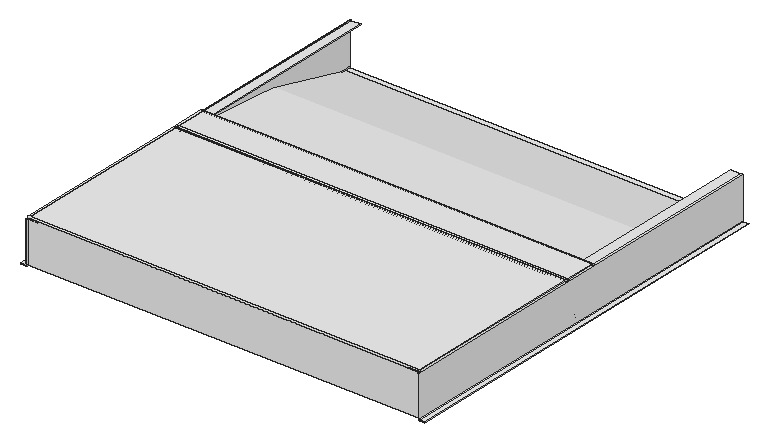
Revit family "LRTC 2x2_2x4", category Lighting Fixtures, host Ceiling, Revit 2019
Family settings
  Host = Ceiling
  Round Connector Dimension = Use Diameter
  Part Type = Normal
  OmniClass Number = 23.80.70.11.14.17
  OmniClass Title = Direct/Indirect
  Always vertical = Yes
  Cut with Voids When Loaded = No
  Light Source = Yes
  Shared = No
  Room Calculation Point = No
Parameters (values of type "LRTC2X2-LED840K020LUNV")
  Width = 1' - 11 3/4"
  Wattage = 18 W
  built-in parameter 1150110 = 1 (stored number, unit not read)
  Voltage = 120 V
  URL = "https://www.viscor.com/en/products/lrtc"
  built-in parameter 1114217 = 0.9 (stored number, unit not read)
  Tilt Angle = 90.00°
  built-in parameter 1150109 = 1 (stored number, unit not read)
  built-in parameter 1150134 = 12
  built-in parameter 1150113 = 1 (stored number, unit not read)
  Reflector Width = Width / 2  # 0' - 11 7/8"
  Photometric Web File = "LRTC2x2-LED840K020LUNV-G003581.IES"
  Model = "LRTC"  # constant formula
  Manufacturer = "VISIONEERING by VISCOR"  # constant formula
  Lumens = 2178 lm
  built-in parameter 1150115 = 1 (stored number, unit not read)
  built-in parameter 1150105 = 173.32 (stored number, unit not read)
  built-in parameter 1150137 = (empty or 0)
  built-in parameter 1150139 = (empty or 0)
  Lens Finish = Acrylic - Viscor - Frosted Ribbed Linear Extruded
  Length = 1' - 11 3/4"
  Lamp Wattage = 18 VA
  built-in parameter 1150112 = 1 (stored number, unit not read)
  built-in parameter 1150114 = 1 (stored number, unit not read)
  Lamp = "LED"  # constant formula
  built-in parameter 1150132 = (empty or 0)
  built-in parameter 1150102 = (empty or 0)
  built-in parameter 1150138 = (empty or 0)
  built-in parameter 1150107 = 4000 (stored number, unit not read)
  built-in parameter 1150106 = 1.7332 (stored number, unit not read)
  Housing Finish = Metal - Viscor - White
  Emit from Rectangle Width = Width  # 1' - 11 3/4"
  Emit from Rectangle Length = Length  # 1' - 11 3/4"
  Emit Shape Visible in Rendering = no
  built-in parameter 1150104 = 11.241 (stored number, unit not read)
  Dimming Lamp Color Temperature Shift = <None>
  Description = "LED Troffer Dish Single Tear Drop"  # constant formula
  Color Filter = 16777215
  built-in parameter 1114218 = 1 (stored number, unit not read)
  built-in parameter 1150133 = 10 (stored number, unit not read)
  Assembly Code = "D5020200"
  Apparent Load = Lamp Wattage  # 18 VA
Types (4): name | Wattage | Photometric Web File | Lumens | built-in parameter 1150105 | Length | Lamp Wattage | built-in parameter 1150106 | Emit from Rectangle Length | built-in parameter 1150104 | Apparent Load
  (no name) | 18 W | "LRTC2x2-LED840K020LUNV-G003581.IES" | 2178 lm | 173.32 (stored number, unit not read) | 1' - 11 3/4" | 18 VA | 1.7332 (stored number, unit not read) | 1' - 11 3/4" | 11.241 (stored number, unit not read) | 18 VA
  LRTC2X2-LED840K020LUNV | 18 W | "LRTC2x2-LED840K020LUNV-G003581.IES" | 2178 lm | 173.32 (stored number, unit not read) | 1' - 11 3/4" | 18 VA | 1.7332 (stored number, unit not read) | 1' - 11 3/4" | 11.241 (stored number, unit not read) | 18 VA
  LRTC2x4-LED840K041LUNV | 39 W | "LRTC2X4-LED840K041LUNV-G001546.IES" | 4251 lm | 338.28 (stored number, unit not read) | 3' - 11 3/4" | 39 VA | 3.3828 (stored number, unit not read) | 3' - 11 3/4" | 10.126 (stored number, unit not read) | 39 VA
  LRTC2x4-LED840K034LUNV | 30 W | "LRTC2X4-LED840K034LUNV-G001538.IES" | 3420 lm | 272.15 (stored number, unit not read) | 3' - 11 3/4" | 30 VA | 2.7215 (stored number, unit not read) | 3' - 11 3/4" | 10.591 (stored number, unit not read) | 30 VA
Reference planes (in)
  plane 1 "Light Source Axis (F/B)": y = 0
  plane 2 "Ceiling": z = 96
  plane 3 "Light Source Axis (L/R)": x = 0
  plane 4 "Light Source Elevation": z = 95.96875
  plane 5: y = 11.875
  plane 6: y = -11.875
  plane 7: x = -11.875
  plane 8: x = 11.875
  plane 9: x = -11.8125
  plane 10: x = 11.8125
  plane 11: x = -11.5
  plane 12: x = 11.5
  plane 13: y = -11.875
Forms (in)
  Extrusion 1, solid, material "Metal - Viscor - White" <- "Housing Finish"
    sketch origin (0, 0, 0) x (1, 0, 0) y (0, 0, 1)
      loop
        line (-11.875, 95.96875) -> (-11.572, 95.96875)
        arc (-11.572, 95.96875) -> (-11.52118, 95.98974) -> (-11.5, 96.04049) r 0.072
        line (-11.5, 96.04049) -> (-11.5, 98.42675)
        arc (-11.5, 98.42675) -> (-11.48858, 98.45433) -> (-11.461, 98.46575) r 0.039
        line (-11.461, 98.46575) -> (-10.875, 98.46575) -> (-10.875, 98.497) -> (-11.461, 98.497)
        arc (-11.461, 98.497) -> (-11.51067, 98.47642) -> (-11.53125, 98.42675) r 0.07025
        line (-11.53125, 98.42675) -> (-11.53125, 96.04055)
        arc (-11.53125, 96.04055) -> (-11.54326, 96.01187) -> (-11.572, 96) r 0.04075
        line (-11.572, 96) -> (-11.875, 96) -> (-11.875, 95.96875)
    from -11.875 to 11.875
  Extrusion 2, solid, material "Metal - Viscor - White" <- "Housing Finish"
    sketch origin (0, 0, 0) x (-1, 0, 0) y (0, 0, -1)
      loop
        line (-11.875, -95.96875) -> (-11.875, -96) -> (-11.572, -96)
        arc (-11.572, -96) -> (-11.54326, -96.01187) -> (-11.53125, -96.04055) r 0.04075
        line (-11.53125, -96.04055) -> (-11.53125, -98.42675)
        arc (-11.53125, -98.42675) -> (-11.51067, -98.47642) -> (-11.461, -98.497) r 0.07025
        line (-11.461, -98.497) -> (-10.875, -98.497) -> (-10.875, -98.46575) -> (-11.461, -98.46575)
        arc (-11.461, -98.46575) -> (-11.48858, -98.45433) -> (-11.5, -98.42675) r 0.039
        line (-11.5, -98.42675) -> (-11.5, -96.04049)
        arc (-11.5, -96.04049) -> (-11.52118, -95.98974) -> (-11.572, -95.96875) r 0.072
        line (-11.572, -95.96875) -> (-11.875, -95.96875)
    from -11.875 to 11.875
  Extrusion 3, solid, material "Acrylic - Viscor - Frosted Ribbed Linear Extruded" <- "Lens Finish"
    sketch origin (0, -5.75, 0.03125) x (0, 1, 0) y (0, 0, 1)
      loop
        line (6.71875, 97.73875) -> (6.71875, 97.82375)
        arc (6.71875, 97.82375) -> (6.71289, 97.83789) -> (6.69875, 97.84375) r 0.02
        line (6.69875, 97.84375) -> (6.521, 97.84375) -> (6.521, 98.03594)
        arc (6.521, 98.03594) -> (6.53058, 98.05185) -> (6.54912, 98.05082) r 0.018
        arc (6.54912, 98.05082) -> (6.59327, 98.06313) -> (6.57376, 98.1046) r 0.03
        line (6.57376, 98.1046) -> (6.48618, 98.12807)
        arc (6.48618, 98.12807) -> (6.46882, 98.12462) -> (6.461, 98.10875) r 0.02
        line (6.461, 98.10875) -> (6.461, 97.79375)
        arc (6.461, 97.79375) -> (6.46979, 97.77254) -> (6.491, 97.76375) r 0.03
        line (6.491, 97.76375) -> (6.63875, 97.76375)
        arc (6.63875, 97.76375) -> (6.58217, 97.24582) -> (6.40377, 96.75629) r 2.17014
        arc (6.40377, 96.75629) -> (6.23215, 96.49449) -> (6.00734, 96.27664) r 1.42014
        arc (6.00734, 96.27664) -> (5.75, 96.18861) -> (5.49266, 96.27664) r 0.42014
        arc (5.49266, 96.27664) -> (5.26785, 96.49449) -> (5.09623, 96.75629) r 1.42014
        arc (5.09623, 96.75629) -> (4.91783, 97.24582) -> (4.86125, 97.76375) r 2.17014
        line (4.86125, 97.76375) -> (5.009, 97.76375)
        arc (5.009, 97.76375) -> (5.03021, 97.77254) -> (5.039, 97.79375) r 0.03
        line (5.039, 97.79375) -> (5.039, 98.10875)
        arc (5.039, 98.10875) -> (5.03118, 98.12462) -> (5.01382, 98.12807) r 0.02
        line (5.01382, 98.12807) -> (4.92624, 98.1046)
        arc (4.92624, 98.1046) -> (4.90673, 98.06313) -> (4.95087, 98.05082) r 0.03
        arc (4.95087, 98.05082) -> (4.96942, 98.05185) -> (4.979, 98.03594) r 0.018
        line (4.979, 98.03594) -> (4.979, 97.84375) -> (4.80125, 97.84375)
        arc (4.80125, 97.84375) -> (4.78711, 97.83789) -> (4.78125, 97.82375) r 0.02
        line (4.78125, 97.82375) -> (4.78125, 97.73875)
        arc (4.78125, 97.73875) -> (4.84304, 97.21506) -> (5.02503, 96.72014) r 2.25
        arc (5.02503, 96.72014) -> (5.2063, 96.44361) -> (5.44375, 96.21352) r 1.5
        arc (5.44375, 96.21352) -> (5.75, 96.10875) -> (6.05625, 96.21352) r 0.5
        arc (6.05625, 96.21352) -> (6.2937, 96.44361) -> (6.47497, 96.72014) r 1.5
        arc (6.47497, 96.72014) -> (6.65696, 97.21506) -> (6.71875, 97.73875) r 2.25
    from -11.5 to 11.5
  Extrusion 4, void
    sketch origin (0, 0, 96) x (1, 0, 0) y (0, 1, 0)
      loop
        line (-11.875, -11.875) -> (11.875, -11.875) -> (11.875, 11.875) -> (-11.875, 11.875) -> (-11.875, -11.875)
    from -0.85389 to 3.57262
  Extrusion 5, solid, material "Metal - Viscor - White" <- "Housing Finish"
    sketch origin (0, 0, 0) x (0, 1, 0) y (0, 0, 1)
      loop
        line (-0.9845, 97.936) -> (-0.98476, 98.498)
        arc (-0.98476, 98.498) -> (-1.00688, 98.54287) -> (-1.0535, 98.561) r 0.069
        line (-1.0535, 98.561) -> (-11.7385, 98.561)
        arc (-11.7385, 98.561) -> (-11.78729, 98.54079) -> (-11.8075, 98.492) r 0.069
        line (-11.8075, 98.492) -> (-11.8075, 96.034) -> (-11.77625, 96.034) -> (-11.77625, 98.492)
        arc (-11.77625, 98.492) -> (-11.76519, 98.51869) -> (-11.7385, 98.52975) r 0.03775
        line (-11.7385, 98.52975) -> (-1.0535, 98.52975)
        arc (-1.0535, 98.52975) -> (-1.02842, 98.52022) -> (-1.01601, 98.49643) r 0.03775
        line (-1.01601, 98.49643) -> (-1.01575, 97.936) -> (-0.9845, 97.936)
    from -11.5 to 11.5
  Sweep 6, solid, material "Metal - Viscor - White" <- "Housing Finish"
    path origin (0, 0, 96) x (1, 0, 0) y (0, 1, 0)
      loop
        line (-11.5, 0) -> (11.5, 0)
    profile "RFL-PROFILE : RFL-PROFILE" origin (0, 0, 96) x (0, 1, 0) y (0, 0, 1)
      loop
        line (11.50047, 0) -> (11.80691, 0) -> (11.80691, 0.03125) -> (11.50603, 0.03125)
        arc (11.50603, 0.03125) -> (6.18193, 1.46566) -> (0.68803, 1.93537) r 31.03907
        line (0.68803, 1.93537) -> (0.68803, 1.90412)
        arc (0.68803, 1.90412) -> (6.1792, 1.43441) -> (11.50047, 0) r 31.00782
  Extrusion 7, solid, material "Metal - Viscor - White" <- "Housing Finish"
    sketch origin (0, 0, 0) x (0, 1, 0) y (0, 0, 1)
      loop
        line (-0.94213, 97.93906) -> (-0.91088, 97.93906) -> (-0.91088, 98.497)
        arc (-0.91088, 98.497) -> (-0.90061, 98.5218) -> (-0.87582, 98.53207) r 0.03507
        line (-0.87582, 98.53207) -> (0.93368, 98.53207)
        arc (0.93368, 98.53207) -> (0.95848, 98.5218) -> (0.96875, 98.497) r 0.03507
        line (0.96875, 98.497) -> (0.96875, 97.93906) -> (1, 97.93906) -> (1, 98.497)
        arc (1, 98.497) -> (0.98058, 98.54389) -> (0.93368, 98.56332) r 0.06632
        line (0.93368, 98.56332) -> (-0.87582, 98.56332)
        arc (-0.87582, 98.56332) -> (-0.92271, 98.54389) -> (-0.94213, 98.497) r 0.06632
        line (-0.94213, 98.497) -> (-0.94213, 97.93906)
    from -11.5 to 11.5
Dimensions and locks (in)
  equal spacing: host sketch curve, plane 3 "Light Source Axis (L/R)", host sketch curve
  equal spacing: host sketch curve, plane 1 "Light Source Axis (F/B)", host sketch curve
  host sketch curve to host sketch curve = 10' - 0"  (x2)
  equal spacing: plane 7, plane 3 "Light Source Axis (L/R)", plane 8
  "Length": plane 7 to plane 8
  equal spacing: plane 5, plane 1 "Light Source Axis (F/B)", plane 6
  "Width": plane 5 to plane 6
  plane 4 "Light Source Elevation" to plane 2 "Ceiling" = 0' - 0 1/32"
  locked: plane 7 to plane 9 at 0.0625
  locked: plane 10 to plane 8 at 0.0625
  locked: plane 7 to plane 11 at 0.375
  locked: plane 12 to plane 8 at 0.375
  Extrusion 7 sketch curve to Extrusion 7 sketch curve = 0' - 1.94213"
  aligned and locked: plane 3 "Light Source Axis (L/R)" to imposter light
  aligned and locked: plane 1 "Light Source Axis (F/B)" to imposter light
  aligned and locked: plane 4 "Light Source Elevation" to imposter light
  aligned and locked: Extrusion 1 to plane 6
  aligned and locked: plane 5 to Extrusion 1
  aligned and locked: Extrusion 2 to plane 6
  aligned and locked: plane 5 to Extrusion 2
  aligned and locked: Extrusion 3 to plane 11
  aligned and locked: plane 12 to Extrusion 3
  aligned and locked: Extrusion 4 to imposter light
  aligned and locked: Extrusion 4 to plane 7
  aligned and locked: plane 8 to Extrusion 4
  aligned and locked: Extrusion 5 to plane 11
  aligned and locked: plane 12 to Extrusion 5
  aligned and locked: plane 11 to Sweep 6 sketch curve
  aligned and locked: plane 12 to Sweep 6 sketch curve
  aligned and locked: plane 1 "Light Source Axis (F/B)" to Sweep 6 sketch curve
  aligned and locked: Extrusion 7 to plane 11
  aligned and locked: plane 12 to Extrusion 7
Automatic sketch dimensions
  Extrusion 1 sketch curve to Extrusion 1 sketch curve = 0' - 0"  (x7)
  Extrusion 1 sketch curve to plane 4 "Light Source Elevation" = 0' - 0"
  Extrusion 1 sketch curve to plane 2 "Ceiling" = 0' - 0"
  Extrusion 1 sketch curve to plane 11 = 0' - 0"  (x2)
  Extrusion 1 sketch curve to plane 11 = 0' - 0 1/32"
  Extrusion 1 sketch curve to Extrusion 1 sketch curve = 0' - 0 1/32"  (x2)
  Extrusion 1 sketch curve to plane 11 = 0' - 0.072"
  Extrusion 1 sketch curve to plane 7 = 0' - 0"
  plane 11 to Extrusion 1 sketch curve = 0' - 0.039"
  Extrusion 1 sketch curve to Extrusion 1 sketch curve = 0' - 0.039"
  Extrusion 1 sketch curve to Extrusion 1 sketch curve = 0' - 0.586"
  plane 2 "Ceiling" to Extrusion 1 sketch curve = 0' - 0.04049"
  Extrusion 1 sketch curve to Extrusion 1 sketch curve = 0' - 2.38626"
  Extrusion 2 sketch curve to Extrusion 2 sketch curve = 0' - 0"  (x7)
  Extrusion 2 sketch curve to plane 4 "Light Source Elevation" = 0' - 0"
  Extrusion 2 sketch curve to plane 2 "Ceiling" = 0' - 0"
  Extrusion 2 sketch curve to plane 12 = 0' - 0"  (x2)
  Extrusion 2 sketch curve to Extrusion 2 sketch curve = 0' - 0 1/32"  (x3)
  Extrusion 2 sketch curve to plane 12 = 0' - 0.072"
  Extrusion 2 sketch curve to plane 8 = 0' - 0"
  plane 12 to Extrusion 2 sketch curve = 0' - 0.039"  (x2)
  Extrusion 2 sketch curve to Extrusion 2 sketch curve = 0' - 0.586"
  Extrusion 2 sketch curve to plane 2 "Ceiling" = 0' - 0.04049"
  Extrusion 2 sketch curve to Extrusion 2 sketch curve = 0' - 2.38626"
  Extrusion 3 sketch curve to Extrusion 3 sketch curve = 0' - 0"  (x17)
  plane 2 "Ceiling" to Extrusion 3 sketch curve = 0' - 1.77"
  plane 1 "Light Source Axis (F/B)" to Extrusion 3 sketch curve = 0' - 1 9/32"
  Extrusion 3 sketch curve to Extrusion 3 sketch curve = 0' - 0 5/16"  (x2)
  Extrusion 3 sketch curve to Extrusion 3 sketch curve = 0' - 0.02"  (x2)
  Extrusion 3 sketch curve to Extrusion 3 sketch curve = 0' - 0.08"  (x2)
  plane 2 "Ceiling" to Extrusion 3 sketch curve = 0' - 2.13585"  (x2)
  Extrusion 3 sketch curve to Extrusion 3 sketch curve = 0' - 0 1/8"
  Extrusion 3 sketch curve to Extrusion 3 sketch curve = 0' - 0.00776"  (x2)
  Extrusion 3 sketch curve to Extrusion 3 sketch curve = 0' - 0.027"  (x2)
  Extrusion 3 sketch curve to Extrusion 3 sketch curve = 0' - 0.11775"  (x2)
  Extrusion 3 sketch curve to Extrusion 3 sketch curve = 0' - 0.03"  (x4)
  plane 2 "Ceiling" to Extrusion 3 sketch curve = 0' - 2.15932"  (x2)
  Extrusion 3 sketch curve to Extrusion 3 sketch curve = 0' - 0.08759"
  Extrusion 3 sketch curve to Extrusion 3 sketch curve = 0' - 0.00518"  (x2)
  Extrusion 3 sketch curve to Extrusion 3 sketch curve = 0' - 0.12849"
  plane 2 "Ceiling" to Extrusion 3 sketch curve = 0' - 0.64"
  Extrusion 3 sketch curve to Extrusion 3 sketch curve = 0' - 0.61251"  (x2)
  Extrusion 3 sketch curve to Extrusion 3 sketch curve = 0' - 0.09849"
  Extrusion 3 sketch curve to Extrusion 3 sketch curve = 0' - 0.018"
  Extrusion 3 sketch curve to Extrusion 3 sketch curve = 0' - 0.06"  (x2)
  Extrusion 3 sketch curve to Extrusion 3 sketch curve = 0' - 0.33954"
  Extrusion 3 sketch curve to Extrusion 3 sketch curve = 0' - 0.70954"
  Extrusion 3 sketch curve to Extrusion 3 sketch curve = 0' - 0.025"  (x2)
  Extrusion 3 sketch curve to Extrusion 3 sketch curve = 0' - 0.085"
  Extrusion 3 sketch curve to Extrusion 3 sketch curve = 0' - 0.06866"
  Extrusion 3 sketch curve to Extrusion 3 sketch curve = 0' - 0.07281"
  Extrusion 3 sketch curve to Extrusion 3 sketch curve = 0' - 0.02898"  (x2)
  Extrusion 4 sketch curve to plane 7 = 0' - 0"
  plane 8 to Extrusion 4 sketch curve = 0' - 0"
  Extrusion 4 sketch curve to plane 6 = 0' - 0"
  plane 6 to Extrusion 4 sketch curve = 1' - 11 3/4"
  Extrusion 5 sketch curve to Extrusion 5 sketch curve = 0' - 0"  (x4)
  plane 6 to Extrusion 5 sketch curve = 0' - 0.0675"
  Extrusion 5 sketch curve to Extrusion 5 sketch curve = 0' - 0 1/32"  (x3)
  Extrusion 5 sketch curve to Extrusion 5 sketch curve = 0' - 0.03775"  (x3)
  plane 1 "Light Source Axis (F/B)" to Extrusion 5 sketch curve = 0' - 1.0535"
  Extrusion 5 sketch curve to Extrusion 5 sketch curve = 0' - 0.03749"
  plane 2 "Ceiling" to Extrusion 5 sketch curve = 0' - 1.936"
  plane 2 "Ceiling" to Extrusion 5 sketch curve = 0' - 2.492"
  plane 2 "Ceiling" to Extrusion 5 sketch curve = 0' - 0.034"
  Extrusion 7 sketch curve to Extrusion 7 sketch curve = 0' - 0"  (x4)
  plane 1 "Light Source Axis (F/B)" to Extrusion 7 sketch curve = 0' - 0.94213"
  Extrusion 7 sketch curve to Extrusion 7 sketch curve = 0' - 0 1/32"
  Extrusion 7 sketch curve to Extrusion 7 sketch curve = 0' - 0.03507"  (x2)
  plane 2 "Ceiling" to Extrusion 7 sketch curve = 0' - 1.93906"
  Extrusion 7 sketch curve to Extrusion 7 sketch curve = 0' - 0.55794"  (x2)
Connectors (in)
  electrical at (0, 0, 96), driven by "Voltage", driven by "Apparent Load"
    settings: index 1, voltage 120 V, apparent load 0 VA, apparent load phase1 18 VA, apparent load phase2 0 VA, apparent load phase3 0 VA, power factor 1, load classification "Other", number of poles 1, system type 31, power factor state 1, is connector primary yes, connector utility no, sub classification motor no, connector description ""
